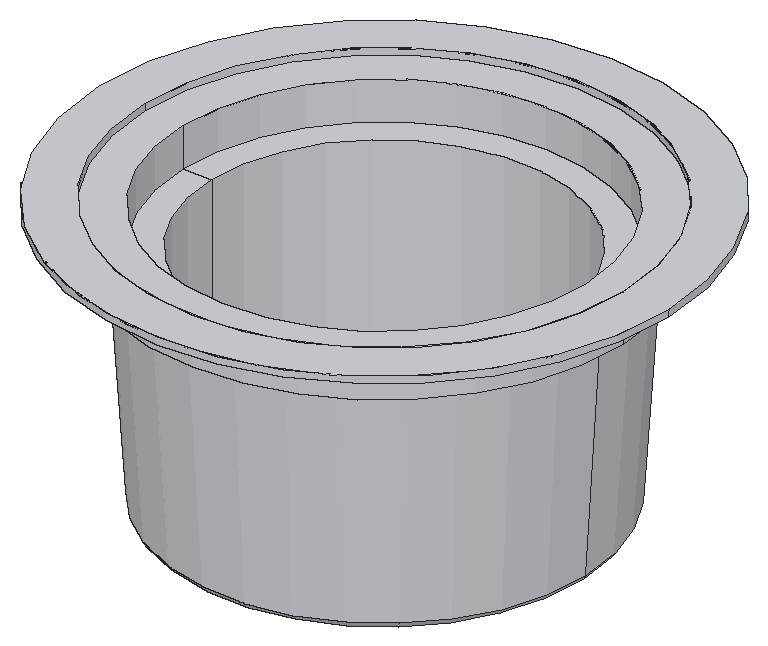
Revit family "Lighting-Terziario-GEWISS-ELIA-AL-LED_INCASSO_ACCENTO_D172", category Apparecchi per illuminazione, host Superficie, Revit 2019
Family settings
  Host = Superficie
  Quota connettore circolare = Usa diametro
  Tipo di parte = Normale
  Taglio con vuoti quando caricato = No
  Sorgente d'illuminazione = Sì
  Condiviso = No
  Punto di calcolo locali = Sì
Parameters (values of type "GWF1411MH940 - ELIA AL M2 40K 60° ST.ALONE DALI CRI90")
  Wattage = 9.2903 W
  Visibilità etichetta [instance] = yes
  Visibilità simbolo [instance] = yes
  Visibilità lampada in pianta [instance] = not(Visibilità simbolo)  # no
  Versione file RFA = "20.0"
  Variazione temperatura colore lampada con luminosità attenuata = (empty or 0)
  URL = "https://www.gewiss.com/it/it"
  UGR: = "UGR<19"
  Tipologia sorgente luminosa = "LED - Non sostituibile"
  Tipologia = "Incasso modulare"
  Tipo lampada = "LED"
  Tipo alimentatore = ""
  Tensione = "220-240 V "
  Temperatura di utilizzo = "-20° +45°"
  Temperatura di funzionamento = "-20° +45°"
  Temperatura di colore: = "4000K"
  Temperatura di colore = "4000K"
  built-in parameter 1150107 = 3200 (stored number, unit not read)
  Spostamento_x_effettivo [instance] = 4000 mm - Spostamento_x  # 4000 mm
  Spostamento_x [instance] = 0 mm
  Spostamento_y_effettivo [instance] = 4000 mm - Spostamento_y  # 3820 mm
  Spostamento_y [instance] = 180 mm
  Scheda Tecnica = "https://www.gewiss.com/it/it/search?q=GWF1411MH940"
  STRUTTURA = none
  SEO = "Incasso modulare"
  Resistenza agli urti = "IK06"
  Potenza di sistema = "25W"
  Peso (kg): = "0,7"
  Peso (kg) = "0,7"
  built-in parameter 1150110 = 1 (stored number, unit not read)
  built-in parameter 1150109 = 1 (stored number, unit not read)
  built-in parameter 1114218 = 1 (stored number, unit not read)
  built-in parameter 1150112 = 1 (stored number, unit not read)
  POSIZIONE = 80000  # constant formula
  Ottica = "60°"
  built-in parameter 1150142 = "IESNA:LM-63-1995\r\n[TEST] 1\r\n[DATE] 27 Nov 2019\r\n[MANUFAC] GEWISS\r\n[LUMCAT] GWF1411MH940\r\n[LUMINAIRE] ELIA AL - M2 60° LED940 25W - DALI\r\n[FLASHAREA] 0.003065\r\n[LAMPCAT] LED 25W/2400lm\r\n[LAMP] LED 25W/2400lm\r\nTILT=NONE\r\n1 2400.00 1.0 91 4 1 2 -0.127 0.000 0.000\r\n1.00 1.00 25.00\r\n0.00 1.00 2.00 3.00 4.00 5.00 6.00 7.00 8.00 9.00 10.00 \r\n11.00 12.00 13.00 14.00 15.00 16.00 17.00 18.00 19.00 \r\n20.00 21.00 22.00 23.00 24.00 25.00 26.00 27.00 28.00 \r\n29.00 30.00 31.00 32.00 33.00 34.00 35.00 36.00 37.00 \r\n38.00 39.00 40.00 41.00 42.00 43.00 44.00 45.00 46.00 \r\n47.00 48.00 49.00 50.00 51.00 52.00 53.00 54.00 55.00 \r\n56.00 57.00 58.00 59.00 60.00 61.00 62.00 63.00 64.00 \r\n65.00 66.00 67.00 68.00 69.00 70.00 71.00 72.00 73.00 \r\n74.00 75.00 76.00 77.00 78.00 79.00 80.00 81.00 82.00 \r\n83.00 84.00 85.00 86.00 87.00 88.00 89.00 90.00 \r\n0.00 30.00 60.00 90.00 \r\n2858.40 2860.80 2864.40 2868.00 2869.20 2864.40 2854.80 \r\n2841.60 2828.40 2812.80 2798.40 2782.80 2761.20 2733.60 \r\n2700.00 2658.00 2604.00 2540.40 2468.40 2385.48 2296.08 \r\n2199.48 2096.76 1986.72 1872.24 1752.12 1629.72 1510.68 \r\n1387.44 1264.56 1144.56 1031.52 929.40 837.36 754.32 \r\n679.56 612.00 551.64 496.44 445.32 398.16 354.24 313.44 \r\n274.32 237.14 200.22 164.72 130.26 99.02 74.28 54.78 \r\n39.13 26.72 18.53 12.68 8.19 5.21 3.41 2.68 2.28 1.99 \r\n1.79 1.57 1.38 1.24 1.13 1.06 1.00 0.95 0.90 0.84 0.82 \r\n0.77 0.73 0.67 0.62 0.57 0.51 0.44 0.36 0.28 0.21 0.14 \r\n0.07 0.00 0.00 0.00 0.00 0.00 0.00 0.00 \r\n2844.00 2846.40 2850.60 2852.40 2849.40 2842.80 2834.40 \r\n2823.60 2811.60 2797.20 2784.00 2766.00 2744.40 2715.00 \r\n2680.20 2637.60 2584.20 2521.20 2449.32 2369.28 2281.62 \r\n2186.58 2086.20 1979.34 1867.14 1749.96 1629.30 1508.34 \r\n1387.14 1265.16 1144.44 1033.26 931.74 839.76 758.10 \r\n684.06 616.92 556.56 501.48 450.60 402.84 358.62 317.82 \r\n278.70 240.88 203.99 168.20 133.06 100.93 75.22 55.82 \r\n39.71 26.86 18.57 12.77 8.27 5.13 3.43 2.67 2.24 1.98 \r\n1.79 1.57 1.38 1.23 1.13 1.06 0.99 0.94 0.89 0.85 0.80 \r\n0.75 0.71 0.67 0.61 0.55 0.49 0.44 0.37 0.29 0.21 0.11 \r\n0.05 0.00 0.00 0.00 0.00 0.00 0.00 0.00 \r\n2844.00 2845.80 2850.00 2852.40 2849.40 2844.00 2832.00 \r\n2818.80 2805.60 2791.80 2778.60 2761.80 2739.60 2712.00 \r\n2677.20 2635.20 2582.40 2519.40 2447.58 2367.42 2279.88 \r\n2184.72 2084.10 1977.06 1864.14 1746.36 1626.06 1505.04 \r\n1386.42 1266.96 1147.02 1034.46 932.28 839.94 758.10 \r\n684.30 617.94 557.94 503.28 453.24 405.12 360.78 321.00 \r\n281.52 242.69 205.63 169.22 133.76 100.80 75.07 56.26 \r\n39.72 26.99 18.66 12.87 8.36 5.06 3.51 2.67 2.26 2.01 \r\n1.81 1.60 1.41 1.24 1.14 1.09 1.01 0.96 0.91 0.86 0.81 \r\n0.76 0.72 0.68 0.62 0.57 0.51 0.45 0.38 0.31 0.22 0.13 \r\n0.03 0.00 0.00 0.00 0.00 0.00 0.00 0.00 \r\n2844.00 2845.20 2851.20 2853.60 2853.60 2846.40 2834.40 \r\n2818.80 2803.20 2788.80 2772.00 2756.40 2733.60 2707.20 \r\n2673.60 2630.40 2576.40 2514.00 2440.20 2361.24 2273.04 \r\n2178.12 2077.56 1971.24 1859.04 1741.68 1621.44 1500.00 \r\n1384.44 1265.16 1144.80 1032.36 931.08 839.64 758.40 \r\n684.36 617.64 557.64 503.52 453.48 405.36 361.44 321.96 \r\n283.32 243.46 206.33 169.34 134.09 100.55 74.69 56.38 \r\n39.54 27.02 18.73 12.99 8.46 5.02 3.58 2.72 2.31 2.06 \r\n1.87 1.66 1.46 1.26 1.18 1.11 1.04 0.98 0.93 0.89 0.83 \r\n0.78 0.74 0.70 0.63 0.58 0.52 0.45 0.39 0.31 0.22 0.13 \r\n0.02 0.00 0.00 0.00 0.00 0.00 0.00 0.00 \r\n"
  built-in parameter 1150137 = (empty or 0)
  built-in parameter 1150132 = (empty or 0)
  Lumen output (lm) = "2550"
  Lampada: = "LED"
  LUNGHEZZA FORO = 968.572 mm
  LED Life time (L80B50) = "L80 B50 (Tq25°) = 50.000h"
  LED = none
  LARGHEZZA_FORO = 820.364 mm
  built-in parameter 1150105 = 109.82 (stored number, unit not read)
  built-in parameter 1150102 = (empty or 0)
  Installazione = "Incasso modulare"
  built-in parameter 1150106 = 1.0982 (stored number, unit not read)
  Default Elevation = 1219.2 mm
  Produttore = "GEWISS S.p.A."
  Nome quadro [instance] = "25W"
  Model = "GWF1411MH940"
  L_lampada = 1500 mm
  Immagine tipo = ELIA_AL.jpg
  IDT = "c1be2df2-232f-40c1-8cd1-aa0a19295d6b"
  IDF = "5134b825-46db-4598-81aa-38e7782718ee"
  Grado di protezione = "IP40 - IP54"
  Garanzia = "5 anni"
  Flusso luminoso in emergenza (lm) = ""
  Lumens = 1380 lm
  Color Filter = 16777215
  File diagramma fotometrico = "GWF1411MH940.IES"
  built-in parameter 1114217 = 1 (stored number, unit not read)
  built-in parameter 1150139 = (empty or 0)
  FORO_CONTROSOFFITTO = 80 mm  # constant formula
  Emit from Line Length = 609.6 mm
  built-in parameter 1150104 = 13.8 (stored number, unit not read)
  Distanza dal host [instance] = 0 mm
  built-in parameter 1150115 = 1 (stored number, unit not read)
  built-in parameter 1150114 = 1 (stored number, unit not read)
  built-in parameter 1150113 = 1 (stored number, unit not read)
  Dimensioni (mm) = "Standard"
  Description = "ELIA AL M2 40K 60° ST.ALONE DALI CRI90"
  Creato da GEWISS S.p.A. = ""
  built-in parameter 1150134 = 3
  built-in parameter 1150138 = (empty or 0)
  Colore = "Bianco"
  Codice Electrocod = ""
  Codice EAN = ""
  Classe isolamento = "II"
  Classe di efficienza LED integrati = ""
  Catalogo Serie = "ELIA AL"
  Catalogo = "LIGHTING"
  COBie.Tagnumber = ""
  COBie.CreatedOn = ""
  COBie.CreatebBy = ""
  COBie.ComponentRegisterItemID = ""
  COBie.Component.TagNumber = ""
  COBie.Component.Space = ""
  COBie.Component.SerialNumber = ""
  COBie.Component.InstallationDate = ""
  COBie.Component.Description = ""
  COBie.Component.BarCode = ""
  Applicazione = "Interno"
  Tilt Angle = -90.00°
  built-in parameter 1150133 = 10 (stored number, unit not read)
Reference planes
  plane 1 "Centro (Fronte/Retro)": y = 0
  plane 2: z = 0
  plane 3 "Centro (Sinistra/Destra)": x = 0
  plane 4: x = -4000
  plane 5: x = 0
  plane 6: x = 0
  plane 7: z = 1200
  plane 8: y = -4000
  plane 9: y = -180
  plane 10: x = -484.286
  plane 11: y = -410.182
  plane 12: x = 484.286
  plane 13: y = 410.182
  plane 14: z = -80
Forms (mm)
  Extrusion 1, void
    sketch origin (0, 0, 0) x (1, 0, 0) y (0, 1, 0)
      loop
        circle (0, 0) r 86
    from -82.105 to 0
Lines and regions (mm)
  symbolic lines, visible <- "Visibilità lampada in pianta"
    curve 1: circle (0, 0, 0) r 86 normal (0, 0, 1)
Dimensions and locks
  plane 4 to plane 3 "Centro (Sinistra/Destra)" = 4000 mm  (x2)
  "Spostamento_x_effettivo": plane 4 to plane 5
  "Spostamento_x_effettivo": plane 6 to plane 4
  plane 7 to plane 2 = 1200 mm
  "Spostamento_y_effettivo": plane 9 to plane 8
  plane 1 "Centro (Fronte/Retro)" to plane 8 = 4000 mm
  equal spacing: plane 10, plane 3 "Centro (Sinistra/Destra)", plane 12
  equal spacing: plane 13, plane 1 "Centro (Fronte/Retro)", plane 11
  "FORO_CONTROSOFFITTO": level to plane 14
  "LUNGHEZZA FORO": plane 10 to plane 12
  "LARGHEZZA_FORO": plane 13 to plane 11
  aligned and locked: plane 2 to host face
  aligned and locked: level to host face
  aligned and locked: nested 2 to plane 1 "Centro (Fronte/Retro)"
  aligned and locked: plane 6 to nested 1
  aligned and locked: nested 1 to plane 9
  aligned and locked: plane 3 "Centro (Sinistra/Destra)" to nested 3
  aligned and locked: plane 1 "Centro (Fronte/Retro)" to nested 3
  aligned and locked: plane 6 to nested 4
  aligned and locked: nested 4 to imposter light
  aligned and locked: host face to imposter light
  aligned and locked: Extrusion 1 to nested 3
  aligned and locked: level to Extrusion 1
Automatic sketch dimensions
  host sketch curve to host sketch curve = 2438.4 mm  (x2)
  plane 1 "Centro (Fronte/Retro)" to Extrusion 1 sketch curve = 0 mm
  Extrusion 1 sketch curve to plane 3 "Centro (Sinistra/Destra)" = 0 mm
  plane 1 "Centro (Fronte/Retro)" to curve 1 = 0 mm
  curve 1 to plane 3 "Centro (Sinistra/Destra)" = 0 mm
  radius of Extrusion 1 sketch curve = 86 mm
  radius of curve 1 = 86 mm
Nested families
  nested 1: "Etichetta light" at (0, -180, 0), visible <- "Visibilità etichetta", type "Etichetta light"
  nested 2: "SIMB_2D" at (0, 0, 110.443) x (0, 0, 1) z (1, 0, 0), visible <- "Visibilità simbolo", type "SIMB_2D"
  nested 3: "Base_ELIA_6_ AL_Base" at (0, 0, -82.105), type "Base_ELIA_6_ AL_Base"
  nested 4: "elia_cl_SIMB_2D" at (0, 0, 0), vs_simbolo <- "Visibilità simbolo", type "elia_cl_SIMB_2D"
    with vs_simbolo yes
Definition of nested family "Base_ELIA_6_ AL_Base"
  Parameters (values of type "Base_ELIA_6_ AL_Base")
    struttura = none
    r3 = r2 - 5 mm  # 85.426 mm
    r2 = Raggio - 23.8 mm  # 90.426 mm
    h_led = 45 mm
    Raggio = 114.226 mm
    Led = none
    Diametro lampada = Raggio * 2  # 228.452 mm
  Reference planes
    plane 1 "Asse sorgente illuminazione (F/B)": y = 0
    plane 2 "inferiore": z = 0
    plane 3 "Asse sorgente illuminazione (L/R)": x = 0
    plane 4 "Prospetto sorgente di illuminazione": z = 1500
    plane 5: x = -52.151
    plane 6: x = 59.008
    plane 7: x = -48.462
    plane 8: x = 48.727
    plane 9: z = 70.117
    plane 10: z = 82.105
    plane 11: z = 84.117
  Forms (mm)
    Revolve 1, solid, material <- "struttura"
      sketch origin (0, 0, 0) x (1, 0, 0) y (0, 0, 1)
        loop
          line (-65.49, 70.617) -> (-60.962, 3.145)
          arc (-60.962, 3.145) -> (-58.561, 0.84) -> (-55.339, 0) r 6.599
          line (-55.339, 0) -> (-52.151, 0) -> (-52.151, 70.617) -> (-65.49, 70.617)
        axis (0, 70.617) -> (0, 0)
      angle from 0 to 360
    Extrusion 2, solid, material <- "struttura"
      sketch origin (0, 0, 58.117) x (-1, 0, 0) y (0, -1, 0)
        loop
          circle (0, 0) r 72.5
        loop
          circle (0, 0) r 60.962
      from 12 to 23.987
    Extrusion 3, solid, material <- "Led"
      sketch origin (0, 0, 58.117) x (-1, 0, 0) y (0, -1, 0)
        loop
          circle (0, 0) r 86
        loop
          circle (0, 0) r 72.5
      from 23.987 to 26
    Extrusion 4, solid
      sketch origin (0, 0, 58.117) x (-1, 0, 0) y (0, -1, 0)
        loop
          circle (0, 0) r 52.151
      from -58.117 to -53.373
    Extrusion 5, solid
      sketch origin (0, 0, 58.117) x (-1, 0, 0) y (0, -1, 0)
        loop
          circle (0, 0) r 72.5
      from 23.987 to 26
  Lines and regions (mm)
    symbolic lines
      curve 1: line (0, 0, 84.117) -> (0, 0, -125.883)
  Dimensions and locks
    plane 8 to plane 7 = 97.189 mm
    locked: plane 10 to plane 9 at 11.988
    locked: plane 9 to plane 2 "inferiore" at 70.117
    locked: plane 11 to plane 10 at 2.012
    diameter of Extrusion 2 sketch curve = 145 mm
    diameter of Extrusion 3 sketch curve = 172 mm
    aligned and locked: level to plane 2 "inferiore"
    aligned and locked: Revolve 1 sketch curve to plane 2 "inferiore"
    aligned and locked: Extrusion 2 to plane 9
    aligned and locked: plane 10 to Extrusion 2
    aligned and locked: Extrusion 3 to plane 10
    aligned and locked: Extrusion 3 to plane 11
    aligned and locked: Extrusion 4 to plane 2 "inferiore"
    aligned and locked: Extrusion 5 to plane 10
    aligned and locked: Extrusion 5 to curve 1
Definition of nested family "Etichetta light"
  Parameters (values of type "ETICHETTA LIGHT")
    COMMENTI = "330W"
  Reference planes
    plane 1: y = 0
    plane 2: x = 0
  Text (mm)
    label "COMMENTI" at (-0.057, 0.105, 0), shows "COMMENTI"
Definition of nested family "SIMB_2D"
  Parameters (values of type "SIMB_2D")
    vs_simbolo [instance] = yes
  Reference planes
    plane 1 "Centro (Fronte/Retro)": y = 0
    plane 2: z = 0
    plane 3 "Centro (Sinistra/Destra)": x = 0
  Lines and regions (mm)
    model lines, in view "Livello rif.", visible <- "vs_simbolo"
      curve 1: circle (1.594, -5.402, 0) r 132.43 normal (0, 0, 1)
      curve 2: circle (1.594, -5.402, 0) r 159.119 normal (0, 0, 1)
      curve 3: line (58.804, -62.709, 0) -> (-55.615, -5.745, 0)
      curve 4: line (-55.615, -5.745, 0) -> (58.804, 51.905, 0)
      curve 5: line (58.804, 51.905, 0) -> (58.804, -62.709, 0)
      curve 6: line (-55.615, 51.562, 0) -> (-55.615, -63.052, 0)
      curve 7: line (-55.615, -5.745, 0) -> (-89.068, -5.745, 0)
      curve 8: line (58.804, -5.402, 0) -> (83.507, -5.402, 0)
Definition of nested family "elia_cl_SIMB_2D"
  Parameters (values of type "elia_cl_SIMB_2D")
    vs_simbolo [instance] = yes
  Reference planes
    plane 1 "Centro (Fronte/Retro)": y = 0
    plane 2: z = 0
    plane 3 "Centro (Sinistra/Destra)": x = 0
  Lines and regions (mm)
    model lines, in view "Livello rif.", visible <- "vs_simbolo"
      curve 1: circle (1.594, -5.402, 0) r 159.119 normal (0, 0, 1)
      curve 2: line (58.804, -62.709, 0) -> (-55.615, -5.745, 0)
      curve 3: line (-55.615, -5.745, 0) -> (58.804, 51.905, 0)
      curve 4: line (58.804, 51.905, 0) -> (58.804, -62.709, 0)
      curve 5: line (-55.615, 51.562, 0) -> (-55.615, -63.052, 0)
      curve 6: line (-55.615, -5.745, 0) -> (-89.068, -5.745, 0)
      curve 7: line (58.804, -5.402, 0) -> (83.507, -5.402, 0)
Types (16, lengths in mm): name | Temperatura di colore: | Temperatura di colore | Scheda Tecnica | Ottica | built-in parameter 1150142 | Lumen output (lm) | Model | IDT | File diagramma fotometrico | Description
  GWF1411MG830 - ELIA AL M2 30K 36° ST.ALONE DALI CRI80 | "3000K" | "3000K" | "https://www.gewiss.com/it/it/search?q=GWF1411MG830" | "36°" | "IESNA:LM-63-1995\r\n[TEST] 1\r\n[DATE] 27 Nov 2019\r\n[MANUFAC] GEWISS\r\n[LUMCAT] GWF1411MG830\r\n[LUMINAIRE] ELIA AL - M2 36° LED830 25W - DALI\r\n[FLASHAREA] 0.003065\r\n[LAMPCAT] LED 25W/2500lm\r\n[LAMP] LED 25W/2500lm\r\nTILT=NONE\r\n1 2500.00 1.0 91 4 1 2 -0.127 0.000 0.000\r\n1.00 1.00 25.00\r\n0.00 1.00 2.00 3.00 4.00 5.00 6.00 7.00 8.00 9.00 10.00 \r\n11.00 12.00 13.00 14.00 15.00 16.00 17.00 18.00 19.00 \r\n20.00 21.00 22.00 23.00 24.00 25.00 26.00 27.00 28.00 \r\n29.00 30.00 31.00 32.00 33.00 34.00 35.00 36.00 37.00 \r\n38.00 39.00 40.00 41.00 42.00 43.00 44.00 45.00 46.00 \r\n47.00 48.00 49.00 50.00 51.00 52.00 53.00 54.00 55.00 \r\n56.00 57.00 58.00 59.00 60.00 61.00 62.00 63.00 64.00 \r\n65.00 66.00 67.00 68.00 69.00 70.00 71.00 72.00 73.00 \r\n74.00 75.00 76.00 77.00 78.00 79.00 80.00 81.00 82.00 \r\n83.00 84.00 85.00 86.00 87.00 88.00 89.00 90.00 \r\n0.00 30.00 60.00 90.00 \r\n5400.00 5383.75 5347.50 5297.50 5236.25 5152.50 5040.00 \r\n4921.25 4775.00 4613.75 4437.50 4240.00 4028.75 3803.75 \r\n3568.75 3333.75 3088.75 2847.75 2611.25 2384.50 2166.63 \r\n1965.25 1780.38 1603.13 1450.88 1313.25 1189.13 1081.25 \r\n984.00 897.63 821.13 752.63 690.63 634.25 584.00 538.13 \r\n493.63 453.63 415.75 380.88 344.88 311.63 278.55 243.68 \r\n208.35 172.53 137.60 108.07 82.79 59.35 40.48 28.63 21.18 \r\n14.38 9.75 7.20 5.65 4.56 3.74 3.09 2.62 2.25 1.91 1.70 \r\n1.53 1.37 1.29 1.23 1.15 1.10 1.03 0.98 0.91 0.85 0.80 \r\n0.72 0.67 0.60 0.51 0.41 0.30 0.20 0.13 0.05 0.00 0.00 \r\n0.00 0.00 0.00 0.00 0.00 \r\n5381.25 5371.25 5335.00 5288.75 5219.38 5139.38 5033.75 \r\n4913.75 4771.88 4606.25 4425.00 4226.25 4015.00 3790.63 \r\n3561.25 3325.00 3083.75 2843.81 2608.81 2379.44 2164.88 \r\n1962.31 1778.00 1608.94 1453.50 1315.31 1192.19 1082.94 \r\n986.06 900.25 823.31 756.06 696.06 641.13 592.31 546.69 \r\n505.31 464.69 427.88 392.94 357.81 323.72 290.65 253.87 \r\n217.72 180.18 142.88 109.83 81.65 57.62 39.42 27.63 19.72 \r\n12.96 8.99 6.79 5.40 4.43 3.68 3.09 2.63 2.24 1.90 1.68 \r\n1.52 1.39 1.31 1.25 1.20 1.11 1.05 0.99 0.92 0.88 0.80 \r\n0.74 0.67 0.59 0.50 0.41 0.31 0.18 0.09 0.06 0.00 0.00 \r\n0.00 0.00 0.00 0.00 0.00 \r\n5382.50 5370.00 5340.63 5290.00 5226.25 5144.38 5043.75 \r\n4917.50 4776.88 4608.13 4427.50 4226.88 4013.75 3793.13 \r\n3563.75 3327.50 3087.50 2847.88 2611.38 2387.25 2170.63 \r\n1969.81 1787.50 1619.00 1464.88 1325.75 1201.44 1091.63 \r\n993.44 907.69 831.56 764.63 705.56 652.63 605.50 562.06 \r\n521.94 483.63 446.88 411.19 377.56 343.07 308.36 271.61 \r\n233.30 192.96 151.55 112.35 79.44 55.57 38.92 26.68 17.25 \r\n11.40 8.32 6.52 5.28 4.36 3.67 3.12 2.63 2.20 1.89 1.69 \r\n1.53 1.43 1.35 1.28 1.21 1.14 1.08 1.02 0.95 0.88 0.83 \r\n0.76 0.69 0.61 0.53 0.43 0.31 0.22 0.14 0.07 0.00 0.00 \r\n0.00 0.00 0.00 0.00 0.00 \r\n5382.50 5368.75 5342.50 5293.75 5225.00 5143.75 5040.00 \r\n4912.50 4770.00 4613.75 4427.50 4226.25 4015.00 3791.25 \r\n3562.50 3330.00 3090.00 2851.25 2615.38 2388.38 2176.25 \r\n1978.75 1798.13 1623.00 1469.38 1329.88 1205.38 1094.63 \r\n997.63 910.50 833.50 766.38 708.63 657.00 611.13 565.75 \r\n526.75 489.25 452.00 417.00 383.75 349.72 314.20 276.96 \r\n237.59 196.22 152.09 109.90 74.65 52.61 38.82 25.86 15.86 \r\n10.81 8.18 6.47 5.29 4.39 3.71 3.16 2.67 2.21 1.93 1.68 \r\n1.55 1.45 1.38 1.31 1.23 1.18 1.10 1.03 0.98 0.92 0.84 \r\n0.78 0.70 0.62 0.54 0.44 0.32 0.24 0.17 0.04 0.00 0.00 \r\n0.00 0.00 0.00 0.00 0.00 \r\n" | "2500" | "GWF1411MG830" | "f83f5a3f-5c7d-4669-b015-cb7a4a79ac44" | "GWF1411MG830.IES" | "ELIA AL M2 30K 36° ST.ALONE DALI CRI80"
  GWF1411MG930 - ELIA AL M2 30K 36° ST.ALONE DALI CRI90 | "3000K" | "3000K" | "https://www.gewiss.com/it/it/search?q=GWF1411MG930" | "36°" | "IESNA:LM-63-1995\r\n[TEST] 1\r\n[DATE] 27 Nov 2019\r\n[MANUFAC] GEWISS\r\n[LUMCAT] GWF1411MG930\r\n[LUMINAIRE] ELIA AL - M2 36° LED930 25W - DALI\r\n[FLASHAREA] 0.003065\r\n[LAMPCAT] LED 25W/2100lm\r\n[LAMP] LED 25W/2100lm\r\nTILT=NONE\r\n1 2100.00 1.0 91 4 1 2 -0.127 0.000 0.000\r\n1.00 1.00 25.00\r\n0.00 1.00 2.00 3.00 4.00 5.00 6.00 7.00 8.00 9.00 10.00 \r\n11.00 12.00 13.00 14.00 15.00 16.00 17.00 18.00 19.00 \r\n20.00 21.00 22.00 23.00 24.00 25.00 26.00 27.00 28.00 \r\n29.00 30.00 31.00 32.00 33.00 34.00 35.00 36.00 37.00 \r\n38.00 39.00 40.00 41.00 42.00 43.00 44.00 45.00 46.00 \r\n47.00 48.00 49.00 50.00 51.00 52.00 53.00 54.00 55.00 \r\n56.00 57.00 58.00 59.00 60.00 61.00 62.00 63.00 64.00 \r\n65.00 66.00 67.00 68.00 69.00 70.00 71.00 72.00 73.00 \r\n74.00 75.00 76.00 77.00 78.00 79.00 80.00 81.00 82.00 \r\n83.00 84.00 85.00 86.00 87.00 88.00 89.00 90.00 \r\n0.00 30.00 60.00 90.00 \r\n4536.00 4522.35 4491.90 4449.90 4398.45 4328.10 4233.60 \r\n4133.85 4011.00 3875.55 3727.50 3561.60 3384.15 3195.15 \r\n2997.75 2800.35 2594.55 2392.11 2193.45 2002.98 1819.96 \r\n1650.81 1495.52 1346.63 1218.74 1103.13 998.87 908.25 \r\n826.56 754.01 689.75 632.21 580.13 532.77 490.56 452.03 \r\n414.64 381.05 349.23 319.94 289.69 261.77 233.98 204.69 \r\n175.01 144.92 115.58 90.78 69.54 49.85 34.00 24.05 17.79 \r\n12.08 8.19 6.05 4.75 3.83 3.14 2.60 2.20 1.89 1.60 1.43 \r\n1.29 1.15 1.09 1.03 0.97 0.93 0.86 0.82 0.76 0.71 0.67 \r\n0.61 0.56 0.50 0.43 0.35 0.26 0.17 0.11 0.04 0.00 0.00 \r\n0.00 0.00 0.00 0.00 0.00 \r\n4520.25 4511.85 4481.40 4442.55 4384.28 4317.07 4228.35 \r\n4127.55 4008.38 3869.25 3717.00 3550.05 3372.60 3184.13 \r\n2991.45 2793.00 2590.35 2388.80 2191.40 1998.73 1818.50 \r\n1648.34 1493.52 1351.51 1220.94 1104.86 1001.44 909.67 \r\n828.29 756.21 691.58 635.09 584.69 538.54 497.54 459.22 \r\n424.46 390.34 359.42 330.07 300.56 271.92 244.15 213.25 \r\n182.88 151.35 120.02 92.25 68.59 48.40 33.11 23.21 16.57 \r\n10.88 7.55 5.71 4.53 3.72 3.09 2.59 2.21 1.88 1.59 1.41 \r\n1.28 1.17 1.10 1.05 1.01 0.93 0.88 0.83 0.78 0.74 0.67 \r\n0.62 0.56 0.50 0.42 0.34 0.26 0.16 0.08 0.05 0.00 0.00 \r\n0.00 0.00 0.00 0.00 0.00 \r\n4521.30 4510.80 4486.13 4443.60 4390.05 4321.28 4236.75 \r\n4130.70 4012.58 3870.83 3719.10 3550.58 3371.55 3186.22 \r\n2993.55 2795.10 2593.50 2392.22 2193.55 2005.29 1823.33 \r\n1654.64 1501.50 1359.96 1230.50 1113.63 1009.21 916.97 \r\n834.49 762.46 698.51 642.29 592.67 548.21 508.62 472.13 \r\n438.43 406.25 375.38 345.40 317.15 288.18 259.02 228.15 \r\n195.97 162.08 127.30 94.37 66.73 46.68 32.70 22.41 14.49 \r\n9.58 6.99 5.47 4.44 3.67 3.08 2.62 2.21 1.85 1.59 1.42 \r\n1.29 1.20 1.14 1.08 1.02 0.96 0.91 0.86 0.80 0.74 0.70 \r\n0.64 0.58 0.51 0.45 0.36 0.26 0.19 0.12 0.06 0.00 0.00 \r\n0.00 0.00 0.00 0.00 0.00 \r\n4521.30 4509.75 4487.70 4446.75 4389.00 4320.75 4233.60 \r\n4126.50 4006.80 3875.55 3719.10 3550.05 3372.60 3184.65 \r\n2992.50 2797.20 2595.60 2395.05 2196.92 2006.24 1828.05 \r\n1662.15 1510.42 1363.32 1234.28 1117.10 1012.51 919.49 \r\n838.01 764.82 700.14 643.75 595.25 551.88 513.35 475.23 \r\n442.47 410.97 379.68 350.28 322.35 293.77 263.93 232.65 \r\n199.57 164.83 127.75 92.32 62.71 44.19 32.61 21.72 13.32 \r\n9.08 6.87 5.43 4.44 3.69 3.12 2.66 2.24 1.86 1.62 1.41 \r\n1.30 1.22 1.16 1.10 1.04 0.99 0.92 0.87 0.82 0.77 0.70 \r\n0.65 0.59 0.52 0.45 0.37 0.27 0.20 0.14 0.03 0.00 0.00 \r\n0.00 0.00 0.00 0.00 0.00 \r\n" | "2250" | "GWF1411MG930" | "80339d2d-a1d2-45ea-b67e-24da14975497" | "GWF1411MG930.IES" | "ELIA AL M2 30K 36° ST.ALONE DALI CRI90"
  GWF1410MG830 - ELIA AL M2 30K 36° ST.ALONE ON/OFF CRI80 | "3000K" | "3000K" | "https://www.gewiss.com/it/it/search?q=GWF1410MG830" | "36°" | "IESNA:LM-63-1995\r\n[TEST] 1\r\n[DATE] 27 Nov 2019\r\n[MANUFAC] GEWISS\r\n[LUMCAT] GWF1410MG830\r\n[LUMINAIRE] ELIA AL - M2 36° LED830 25W\r\n[FLASHAREA] 0.003065\r\n[LAMPCAT] LED 25W/2500lm\r\n[LAMP] LED 25W/2500lm\r\nTILT=NONE\r\n1 2500.00 1.0 91 4 1 2 -0.127 0.000 0.000\r\n1.00 1.00 25.00\r\n0.00 1.00 2.00 3.00 4.00 5.00 6.00 7.00 8.00 9.00 10.00 \r\n11.00 12.00 13.00 14.00 15.00 16.00 17.00 18.00 19.00 \r\n20.00 21.00 22.00 23.00 24.00 25.00 26.00 27.00 28.00 \r\n29.00 30.00 31.00 32.00 33.00 34.00 35.00 36.00 37.00 \r\n38.00 39.00 40.00 41.00 42.00 43.00 44.00 45.00 46.00 \r\n47.00 48.00 49.00 50.00 51.00 52.00 53.00 54.00 55.00 \r\n56.00 57.00 58.00 59.00 60.00 61.00 62.00 63.00 64.00 \r\n65.00 66.00 67.00 68.00 69.00 70.00 71.00 72.00 73.00 \r\n74.00 75.00 76.00 77.00 78.00 79.00 80.00 81.00 82.00 \r\n83.00 84.00 85.00 86.00 87.00 88.00 89.00 90.00 \r\n0.00 30.00 60.00 90.00 \r\n5400.00 5383.75 5347.50 5297.50 5236.25 5152.50 5040.00 \r\n4921.25 4775.00 4613.75 4437.50 4240.00 4028.75 3803.75 \r\n3568.75 3333.75 3088.75 2847.75 2611.25 2384.50 2166.63 \r\n1965.25 1780.38 1603.13 1450.88 1313.25 1189.13 1081.25 \r\n984.00 897.63 821.13 752.63 690.63 634.25 584.00 538.13 \r\n493.63 453.63 415.75 380.88 344.88 311.63 278.55 243.68 \r\n208.35 172.53 137.60 108.07 82.79 59.35 40.48 28.63 21.18 \r\n14.38 9.75 7.20 5.65 4.56 3.74 3.09 2.62 2.25 1.91 1.70 \r\n1.53 1.37 1.29 1.23 1.15 1.10 1.03 0.98 0.91 0.85 0.80 \r\n0.72 0.67 0.60 0.51 0.41 0.30 0.20 0.13 0.05 0.00 0.00 \r\n0.00 0.00 0.00 0.00 0.00 \r\n5381.25 5371.25 5335.00 5288.75 5219.38 5139.38 5033.75 \r\n4913.75 4771.88 4606.25 4425.00 4226.25 4015.00 3790.63 \r\n3561.25 3325.00 3083.75 2843.81 2608.81 2379.44 2164.88 \r\n1962.31 1778.00 1608.94 1453.50 1315.31 1192.19 1082.94 \r\n986.06 900.25 823.31 756.06 696.06 641.13 592.31 546.69 \r\n505.31 464.69 427.88 392.94 357.81 323.72 290.65 253.87 \r\n217.72 180.18 142.88 109.83 81.65 57.62 39.42 27.63 19.72 \r\n12.96 8.99 6.79 5.40 4.43 3.68 3.09 2.63 2.24 1.90 1.68 \r\n1.52 1.39 1.31 1.25 1.20 1.11 1.05 0.99 0.92 0.88 0.80 \r\n0.74 0.67 0.59 0.50 0.41 0.31 0.18 0.09 0.06 0.00 0.00 \r\n0.00 0.00 0.00 0.00 0.00 \r\n5382.50 5370.00 5340.63 5290.00 5226.25 5144.38 5043.75 \r\n4917.50 4776.88 4608.13 4427.50 4226.88 4013.75 3793.13 \r\n3563.75 3327.50 3087.50 2847.88 2611.38 2387.25 2170.63 \r\n1969.81 1787.50 1619.00 1464.88 1325.75 1201.44 1091.63 \r\n993.44 907.69 831.56 764.63 705.56 652.63 605.50 562.06 \r\n521.94 483.63 446.88 411.19 377.56 343.07 308.36 271.61 \r\n233.30 192.96 151.55 112.35 79.44 55.57 38.92 26.68 17.25 \r\n11.40 8.32 6.52 5.28 4.36 3.67 3.12 2.63 2.20 1.89 1.69 \r\n1.53 1.43 1.35 1.28 1.21 1.14 1.08 1.02 0.95 0.88 0.83 \r\n0.76 0.69 0.61 0.53 0.43 0.31 0.22 0.14 0.07 0.00 0.00 \r\n0.00 0.00 0.00 0.00 0.00 \r\n5382.50 5368.75 5342.50 5293.75 5225.00 5143.75 5040.00 \r\n4912.50 4770.00 4613.75 4427.50 4226.25 4015.00 3791.25 \r\n3562.50 3330.00 3090.00 2851.25 2615.38 2388.38 2176.25 \r\n1978.75 1798.13 1623.00 1469.38 1329.88 1205.38 1094.63 \r\n997.63 910.50 833.50 766.38 708.63 657.00 611.13 565.75 \r\n526.75 489.25 452.00 417.00 383.75 349.72 314.20 276.96 \r\n237.59 196.22 152.09 109.90 74.65 52.61 38.82 25.86 15.86 \r\n10.81 8.18 6.47 5.29 4.39 3.71 3.16 2.67 2.21 1.93 1.68 \r\n1.55 1.45 1.38 1.31 1.23 1.18 1.10 1.03 0.98 0.92 0.84 \r\n0.78 0.70 0.62 0.54 0.44 0.32 0.24 0.17 0.04 0.00 0.00 \r\n0.00 0.00 0.00 0.00 0.00 \r\n" | "2500" | "GWF1410MG830" | "eefa4026-ad9d-4250-9b59-4c97110d69db" | "GWF1410MG830.IES" | "ELIA AL M2 30K 36° ST.ALONE ON/OFF CRI80"
  GWF1410MG930 - ELIA AL M2 30K 36° ST.ALONE ON/OFF CRI90 | "3000K" | "3000K" | "https://www.gewiss.com/it/it/search?q=GWF1410MG930" | "36°" | "IESNA:LM-63-1995\r\n[TEST] 1\r\n[DATE] 27 Nov 2019\r\n[MANUFAC] GEWISS\r\n[LUMCAT] GWF1410MG930\r\n[LUMINAIRE] ELIA AL - M2 36° LED930 25W\r\n[FLASHAREA] 0.003065\r\n[LAMPCAT] LED 25W/2100lm\r\n[LAMP] LED 25W/2100lm\r\nTILT=NONE\r\n1 2100.00 1.0 91 4 1 2 -0.127 0.000 0.000\r\n1.00 1.00 25.00\r\n0.00 1.00 2.00 3.00 4.00 5.00 6.00 7.00 8.00 9.00 10.00 \r\n11.00 12.00 13.00 14.00 15.00 16.00 17.00 18.00 19.00 \r\n20.00 21.00 22.00 23.00 24.00 25.00 26.00 27.00 28.00 \r\n29.00 30.00 31.00 32.00 33.00 34.00 35.00 36.00 37.00 \r\n38.00 39.00 40.00 41.00 42.00 43.00 44.00 45.00 46.00 \r\n47.00 48.00 49.00 50.00 51.00 52.00 53.00 54.00 55.00 \r\n56.00 57.00 58.00 59.00 60.00 61.00 62.00 63.00 64.00 \r\n65.00 66.00 67.00 68.00 69.00 70.00 71.00 72.00 73.00 \r\n74.00 75.00 76.00 77.00 78.00 79.00 80.00 81.00 82.00 \r\n83.00 84.00 85.00 86.00 87.00 88.00 89.00 90.00 \r\n0.00 30.00 60.00 90.00 \r\n4536.00 4522.35 4491.90 4449.90 4398.45 4328.10 4233.60 \r\n4133.85 4011.00 3875.55 3727.50 3561.60 3384.15 3195.15 \r\n2997.75 2800.35 2594.55 2392.11 2193.45 2002.98 1819.96 \r\n1650.81 1495.52 1346.63 1218.74 1103.13 998.87 908.25 \r\n826.56 754.01 689.75 632.21 580.13 532.77 490.56 452.03 \r\n414.64 381.05 349.23 319.94 289.69 261.77 233.98 204.69 \r\n175.01 144.92 115.58 90.78 69.54 49.85 34.00 24.05 17.79 \r\n12.08 8.19 6.05 4.75 3.83 3.14 2.60 2.20 1.89 1.60 1.43 \r\n1.29 1.15 1.09 1.03 0.97 0.93 0.86 0.82 0.76 0.71 0.67 \r\n0.61 0.56 0.50 0.43 0.35 0.26 0.17 0.11 0.04 0.00 0.00 \r\n0.00 0.00 0.00 0.00 0.00 \r\n4520.25 4511.85 4481.40 4442.55 4384.28 4317.07 4228.35 \r\n4127.55 4008.38 3869.25 3717.00 3550.05 3372.60 3184.13 \r\n2991.45 2793.00 2590.35 2388.80 2191.40 1998.73 1818.50 \r\n1648.34 1493.52 1351.51 1220.94 1104.86 1001.44 909.67 \r\n828.29 756.21 691.58 635.09 584.69 538.54 497.54 459.22 \r\n424.46 390.34 359.42 330.07 300.56 271.92 244.15 213.25 \r\n182.88 151.35 120.02 92.25 68.59 48.40 33.11 23.21 16.57 \r\n10.88 7.55 5.71 4.53 3.72 3.09 2.59 2.21 1.88 1.59 1.41 \r\n1.28 1.17 1.10 1.05 1.01 0.93 0.88 0.83 0.78 0.74 0.67 \r\n0.62 0.56 0.50 0.42 0.34 0.26 0.16 0.08 0.05 0.00 0.00 \r\n0.00 0.00 0.00 0.00 0.00 \r\n4521.30 4510.80 4486.13 4443.60 4390.05 4321.28 4236.75 \r\n4130.70 4012.58 3870.83 3719.10 3550.58 3371.55 3186.22 \r\n2993.55 2795.10 2593.50 2392.22 2193.55 2005.29 1823.33 \r\n1654.64 1501.50 1359.96 1230.50 1113.63 1009.21 916.97 \r\n834.49 762.46 698.51 642.29 592.67 548.21 508.62 472.13 \r\n438.43 406.25 375.38 345.40 317.15 288.18 259.02 228.15 \r\n195.97 162.08 127.30 94.37 66.73 46.68 32.70 22.41 14.49 \r\n9.58 6.99 5.47 4.44 3.67 3.08 2.62 2.21 1.85 1.59 1.42 \r\n1.29 1.20 1.14 1.08 1.02 0.96 0.91 0.86 0.80 0.74 0.70 \r\n0.64 0.58 0.51 0.45 0.36 0.26 0.19 0.12 0.06 0.00 0.00 \r\n0.00 0.00 0.00 0.00 0.00 \r\n4521.30 4509.75 4487.70 4446.75 4389.00 4320.75 4233.60 \r\n4126.50 4006.80 3875.55 3719.10 3550.05 3372.60 3184.65 \r\n2992.50 2797.20 2595.60 2395.05 2196.92 2006.24 1828.05 \r\n1662.15 1510.42 1363.32 1234.28 1117.10 1012.51 919.49 \r\n838.01 764.82 700.14 643.75 595.25 551.88 513.35 475.23 \r\n442.47 410.97 379.68 350.28 322.35 293.77 263.93 232.65 \r\n199.57 164.83 127.75 92.32 62.71 44.19 32.61 21.72 13.32 \r\n9.08 6.87 5.43 4.44 3.69 3.12 2.66 2.24 1.86 1.62 1.41 \r\n1.30 1.22 1.16 1.10 1.04 0.99 0.92 0.87 0.82 0.77 0.70 \r\n0.65 0.59 0.52 0.45 0.37 0.27 0.20 0.14 0.03 0.00 0.00 \r\n0.00 0.00 0.00 0.00 0.00 \r\n" | "2250" | "GWF1410MG930" | "55258a04-1a10-45e4-a0f7-c53702952e34" | "GWF1410MG930.IES" | "ELIA AL M2 30K 36° ST.ALONE ON/OFF CRI90"
